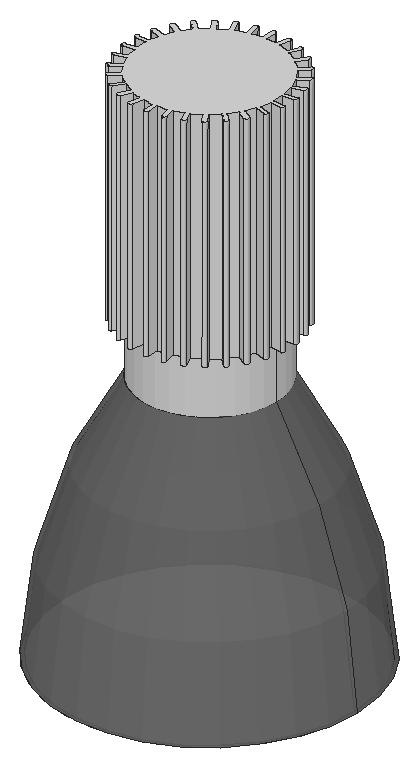
Revit family "TR.FC", category Lighting Fixtures, Revit 2024
Family settings
  Round Connector Dimension = Use Diameter
  Part Type = Normal
  OmniClass Number = 23.80.70.00
  OmniClass Title = Lighting
  Work Plane-Based = No
  Always vertical = Yes
  Cut with Voids When Loaded = No
  Light Source = No
  Maintain Annotation Orientation = No
  Shared = No
  Room Calculation Point = No
Parameters
  Default Elevation = 0' - 0"
Reference planes (in)
  plane 1 "Light Source Axis (F/B)": y = 0
  plane 2: z = 0
  plane 3 "Light Source Axis (L/R)": x = 0
  plane 4 "Light Source Elevation": z = 54
Forms (in)
  Sweep 1, solid, material "FC", not visible
    path origin (75.968, 0, 0.00093) x (1, 0, 0) y (0, 0, 1)
      loop
        arc (-4.5864, 68.3252) -> (-8.91952, 61.72019) -> (-10.59309, 54) r 21.63816
    profile origin (67.04848, 0, 61.72112) x (0.922209, 0, -0.386691) y (0, -1, 0)
      loop
        circle (0, 0) r 0.03125
  Extrusion 2, solid, material "61", not visible
    sketch origin (21.22004, 0.07031, 3.70715) x (1, 0, 0) y (0, 1, 0)
      loop
        arc (0.70087, 4.42509) -> (0.0002, 4.48026) -> (-0.70003, 4.41981) r 4.27232
        line (-0.70003, 4.41981) -> (-0.65367, 4.12712)
        arc (-0.65367, 4.12712) -> (0, 4.17857) -> (0.65367, 4.12712) r 4.17857
        line (0.65367, 4.12712) -> (0.70087, 4.42509)
    from 66 to 73.80732
  Revolve 3, solid, material "48"
    sketch origin (0, 0, -0.05835) x (1, 0, 0) y (0, 0, 1)
      loop
        line (1.92142, 61.25039) -> (1.92142, 62.78223) -> (1.82767, 62.78223) -> (1.82767, 61.25039) -> (1.92142, 61.25039)
      axis (0, 62.78223) -> (0, 61.25039)
    angle from 0 to 360
  Extrusion 4, solid, material "48"
    sketch origin (-34.99223, -16.30645, 63.07965) x (1, 0, 0) y (0, 1, 0)
      loop
        arc (34.92973, 18.27443) -> (34.78642, 18.26463) -> (34.6442, 18.24441) r 1.96897
        line (34.6442, 18.24441) -> (34.57902, 18.55106)
        arc (34.57902, 18.55106) -> (34.50489, 18.5992) -> (34.45675, 18.52507) r 0.0625
        line (34.45675, 18.52507) -> (34.52193, 18.21843)
        arc (34.52193, 18.21843) -> (34.38378, 18.17905) -> (34.24888, 18.12971) r 1.96897
        line (34.24888, 18.12971) -> (34.12137, 18.4161)
        arc (34.12137, 18.4161) -> (34.03885, 18.44777) -> (34.00718, 18.36525) r 0.0625
        line (34.00718, 18.36525) -> (34.13468, 18.07886)
        arc (34.13468, 18.07886) -> (34.00775, 18.01163) -> (33.88605, 17.93531) r 1.96897
        line (33.88605, 17.93531) -> (33.70178, 18.18893)
        arc (33.70178, 18.18893) -> (33.61448, 18.20276) -> (33.60065, 18.11546) r 0.0625
        line (33.60065, 18.11546) -> (33.78492, 17.86184)
        arc (33.78492, 17.86184) -> (33.67473, 17.76968) -> (33.57156, 17.66973) r 1.96897
        line (33.57156, 17.66973) -> (33.33859, 17.8795)
        arc (33.33859, 17.8795) -> (33.25032, 17.87487) -> (33.25495, 17.7866) r 0.0625
        line (33.25495, 17.7866) -> (33.48792, 17.57684)
        arc (33.48792, 17.57684) -> (33.3993, 17.46378) -> (33.31916, 17.34457) r 1.96897
        line (33.31916, 17.34457) -> (33.04767, 17.50131)
        arc (33.04767, 17.50131) -> (32.96229, 17.47843) -> (32.98517, 17.39306) r 0.0625
        line (32.98517, 17.39306) -> (33.25666, 17.23631)
        arc (33.25666, 17.23631) -> (33.19349, 17.1073) -> (33.13989, 16.97403) r 1.96897
        line (33.13989, 16.97403) -> (32.84174, 17.0709)
        arc (32.84174, 17.0709) -> (32.76298, 17.03078) -> (32.80311, 16.95202) r 0.0625
        line (32.80311, 16.95202) -> (33.10126, 16.85515)
        arc (33.10126, 16.85515) -> (33.06629, 16.71582) -> (33.04157, 16.57432) r 1.96897
        line (33.04157, 16.57432) -> (32.72979, 16.60709)
        arc (32.72979, 16.60709) -> (32.6611, 16.55146) -> (32.71673, 16.48277) r 0.0625
        line (32.71673, 16.48277) -> (33.0285, 16.45)
        arc (33.0285, 16.45) -> (33.02326, 16.30645) -> (33.0285, 16.1629) r 1.96897
        line (33.0285, 16.1629) -> (32.71673, 16.13013)
        arc (32.71673, 16.13013) -> (32.6611, 16.06144) -> (32.72979, 16.00582) r 0.0625
        line (32.72979, 16.00582) -> (33.04157, 16.03859)
        arc (33.04157, 16.03859) -> (33.06629, 15.89708) -> (33.10126, 15.75776) r 1.96897
        line (33.10126, 15.75776) -> (32.80311, 15.66088)
        arc (32.80311, 15.66088) -> (32.76298, 15.58213) -> (32.84174, 15.542) r 0.0625
        line (32.84174, 15.542) -> (33.13989, 15.63887)
        arc (33.13989, 15.63887) -> (33.19349, 15.5056) -> (33.25666, 15.37659) r 1.96897
        line (33.25666, 15.37659) -> (32.98517, 15.21985)
        arc (32.98517, 15.21985) -> (32.96229, 15.13447) -> (33.04767, 15.11159) r 0.0625
        line (33.04767, 15.11159) -> (33.31916, 15.26834)
        arc (33.31916, 15.26834) -> (33.3993, 15.14912) -> (33.48792, 15.03607) r 1.96897
        line (33.48792, 15.03607) -> (33.25495, 14.8263)
        arc (33.25495, 14.8263) -> (33.25032, 14.73803) -> (33.33859, 14.73341) r 0.0625
        line (33.33859, 14.73341) -> (33.57156, 14.94317)
        arc (33.57156, 14.94317) -> (33.67473, 14.84323) -> (33.78492, 14.75106) r 1.96897
        line (33.78492, 14.75106) -> (33.60065, 14.49744)
        arc (33.60065, 14.49744) -> (33.61448, 14.41014) -> (33.70178, 14.42397) r 0.0625
        line (33.70178, 14.42397) -> (33.88605, 14.67759)
        arc (33.88605, 14.67759) -> (34.00775, 14.60128) -> (34.13468, 14.53404) r 1.96897
        line (34.13468, 14.53404) -> (34.00718, 14.24765)
        arc (34.00718, 14.24765) -> (34.03885, 14.16513) -> (34.12137, 14.19681) r 0.0625
        line (34.12137, 14.19681) -> (34.24888, 14.4832)
        arc (34.24888, 14.4832) -> (34.38378, 14.43385) -> (34.52193, 14.39448) r 1.96897
        line (34.52193, 14.39448) -> (34.45675, 14.08784)
        arc (34.45675, 14.08784) -> (34.50489, 14.01371) -> (34.57902, 14.06185) r 0.0625
        line (34.57902, 14.06185) -> (34.6442, 14.36849)
        arc (34.6442, 14.36849) -> (34.78642, 14.34827) -> (34.92973, 14.33848) r 1.96897
        line (34.92973, 14.33848) -> (34.92973, 14.02499)
        arc (34.92973, 14.02499) -> (34.99223, 13.96249) -> (35.05473, 14.02499) r 0.0625
        line (35.05473, 14.02499) -> (35.05473, 14.33848)
        arc (35.05473, 14.33848) -> (35.19804, 14.34827) -> (35.34026, 14.36849) r 1.96897
        line (35.34026, 14.36849) -> (35.40544, 14.06185)
        arc (35.40544, 14.06185) -> (35.47957, 14.01371) -> (35.52771, 14.08784) r 0.0625
        line (35.52771, 14.08784) -> (35.46253, 14.39448)
        arc (35.46253, 14.39448) -> (35.60067, 14.43385) -> (35.73558, 14.4832) r 1.96897
        line (35.73558, 14.4832) -> (35.86309, 14.19681)
        arc (35.86309, 14.19681) -> (35.9456, 14.16513) -> (35.97728, 14.24765) r 0.0625
        line (35.97728, 14.24765) -> (35.84977, 14.53404)
        arc (35.84977, 14.53404) -> (35.97671, 14.60128) -> (36.09841, 14.67759) r 1.96897
        line (36.09841, 14.67759) -> (36.28268, 14.42397)
        arc (36.28268, 14.42397) -> (36.36998, 14.41014) -> (36.3838, 14.49744) r 0.0625
        line (36.3838, 14.49744) -> (36.19954, 14.75106)
        arc (36.19954, 14.75106) -> (36.30972, 14.84323) -> (36.4129, 14.94317) r 1.96897
        line (36.4129, 14.94317) -> (36.64587, 14.73341)
        arc (36.64587, 14.73341) -> (36.73413, 14.73803) -> (36.72951, 14.8263) r 0.0625
        line (36.72951, 14.8263) -> (36.49654, 15.03607)
        arc (36.49654, 15.03607) -> (36.58515, 15.14912) -> (36.66529, 15.26834) r 1.96897
        line (36.66529, 15.26834) -> (36.93678, 15.11159)
        arc (36.93678, 15.11159) -> (37.02216, 15.13447) -> (36.99928, 15.21985) r 0.0625
        line (36.99928, 15.21985) -> (36.72779, 15.37659)
        arc (36.72779, 15.37659) -> (36.79097, 15.5056) -> (36.84457, 15.63887) r 1.96897
        line (36.84457, 15.63887) -> (37.14272, 15.542)
        arc (37.14272, 15.542) -> (37.22147, 15.58213) -> (37.18134, 15.66088) r 0.0625
        line (37.18134, 15.66088) -> (36.8832, 15.75776)
        arc (36.8832, 15.75776) -> (36.91817, 15.89708) -> (36.94289, 16.03859) r 1.96897
        line (36.94289, 16.03859) -> (37.25466, 16.00582)
        arc (37.25466, 16.00582) -> (37.32335, 16.06144) -> (37.26773, 16.13013) r 0.0625
        line (37.26773, 16.13013) -> (36.95595, 16.1629)
        arc (36.95595, 16.1629) -> (36.96119, 16.30645) -> (36.95595, 16.45) r 1.96897
        line (36.95595, 16.45) -> (37.26773, 16.48277)
        arc (37.26773, 16.48277) -> (37.32335, 16.55146) -> (37.25466, 16.60709) r 0.0625
        line (37.25466, 16.60709) -> (36.94289, 16.57432)
        arc (36.94289, 16.57432) -> (36.91817, 16.71582) -> (36.8832, 16.85515) r 1.96897
        line (36.8832, 16.85515) -> (37.18134, 16.95202)
        arc (37.18134, 16.95202) -> (37.22147, 17.03078) -> (37.14272, 17.0709) r 0.0625
        line (37.14272, 17.0709) -> (36.84457, 16.97403)
        arc (36.84457, 16.97403) -> (36.79097, 17.1073) -> (36.72779, 17.23631) r 1.96897
        line (36.72779, 17.23631) -> (36.99928, 17.39306)
        arc (36.99928, 17.39306) -> (37.02216, 17.47843) -> (36.93678, 17.50131) r 0.0625
        line (36.93678, 17.50131) -> (36.66529, 17.34457)
        arc (36.66529, 17.34457) -> (36.58515, 17.46378) -> (36.49654, 17.57684) r 1.96897
        line (36.49654, 17.57684) -> (36.72951, 17.7866)
        arc (36.72951, 17.7866) -> (36.73413, 17.87487) -> (36.64587, 17.8795) r 0.0625
        line (36.64587, 17.8795) -> (36.4129, 17.66973)
        arc (36.4129, 17.66973) -> (36.30972, 17.76968) -> (36.19954, 17.86184) r 1.96897
        line (36.19954, 17.86184) -> (36.3838, 18.11546)
        arc (36.3838, 18.11546) -> (36.36998, 18.20276) -> (36.28268, 18.18893) r 0.0625
        line (36.28268, 18.18893) -> (36.09841, 17.93531)
        arc (36.09841, 17.93531) -> (35.97671, 18.01163) -> (35.84977, 18.07886) r 1.96897
        line (35.84977, 18.07886) -> (35.97728, 18.36525)
        arc (35.97728, 18.36525) -> (35.9456, 18.44777) -> (35.86309, 18.4161) r 0.0625
        line (35.86309, 18.4161) -> (35.73558, 18.12971)
        arc (35.73558, 18.12971) -> (35.60067, 18.17905) -> (35.46253, 18.21843) r 1.96897
        line (35.46253, 18.21843) -> (35.52771, 18.52507)
        arc (35.52771, 18.52507) -> (35.47957, 18.5992) -> (35.40544, 18.55106) r 0.0625
        line (35.40544, 18.55106) -> (35.34026, 18.24441)
        arc (35.34026, 18.24441) -> (35.19804, 18.26463) -> (35.05473, 18.27443) r 1.96897
        line (35.05473, 18.27443) -> (35.05473, 18.58792)
        arc (35.05473, 18.58792) -> (34.99223, 18.65042) -> (34.92973, 18.58792) r 0.0625
        line (34.92973, 18.58792) -> (34.92973, 18.27443)
    from -0.35577 to 5.92035
  Revolve 5, solid, material "FC"
    sketch origin (0, 0, -0.05835) x (1, 0, 0) y (0, 0, 1)
      loop
        arc (4.25, 54.05835) -> (3.61181, 57.82471) -> (1.92142, 61.25039) r 13.19445
        line (1.92142, 61.25039) -> (1.80735, 61.25039)
        arc (1.80735, 61.25039) -> (3.51228, 57.82763) -> (4.15623, 54.05835) r 13.1007
        line (4.15623, 54.05835) -> (4.25, 54.05835)
      axis (0, 61.25039) -> (0, 54.05835)
    angle from 0 to 360
Dimensions and locks (in)
  aligned and locked: level to plane 2
